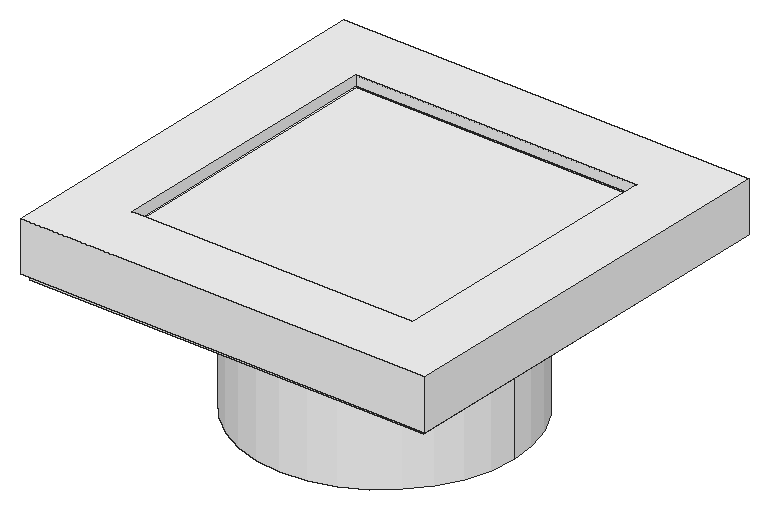
Revit family "Gira_012527", category Electrical Fixtures, host Face, Revit 2017
Family settings
  Host = Face
  Maintain Annotation Orientation = Yes
  Round Connector Dimension = Use Diameter
  Part Type = Normal
  Cut with Voids When Loaded = No
  Shared = No
  Room Calculation Point = No
Parameters (values of type "PB sw. series sw. System 55 p.white m")
  With mounting plate = "No"
  Wiring system = "Series switch"
  White [instance] = White
  Washing machine switch = "No"
  URL = "http://katalog.gira.de/en/datenblatt.html?artikelnr=012527"
  Type of fastening = "Mounting with claw and screw"
  Surface protection = "Other"
  Surface finishing = "Matt"
  Suitable for degree of protection (IP) = "IP20"
  Rated current = "10"
  RAL-number (akin) = "9010"
  Push button switch = "Yes"
  Number of rockers = "2"
  Number of modules (module system) = "1"
  Nominal voltage = "250"
  Name = "PB sw. series sw. System 55 p.white m"
  Mounting method = "Flush mounted (plaster)"
  Model = "Sys55_Komplettgerät_Schalten und Tasten"
  Method of operation = "Rocker/button"
  Material quality = "Thermoplastic"
  Material = "Plastic"
  Manufacturer URL = "https://www.gira.de/"
  Manufacturer = "Gira"
  Label space/information surface = "No"
  Illumination = "No"
  HeinzeBIM = "https://bimportal.heinze.de/bim/pb-sw-series-sw-system-55-p-white-m/bc40ca27278c625e5ef9f87467012343735672e1"
  Halogen free = "Yes"
  HAN = "012527"
  GTIN = "4010337125273"
  Feedback-signal contact = "No"
  Description = "PB sw.series Sys55 PWm,Pushbutton switch, 10 AX 250 V~ with rocker, 2-gang,Series switch,pure white matt,"
  Default Elevation = 1219.2 mm
  Data sheet (1) = "https://katalog.gira.de/en/download.html?artikelnr=012527"
  Connection type = "Plug clamp"
  Colour = "White"
  Category = "Switch"
  BIM (1) = "https://media.stage.bim.site/public/gira/36a6b08/Sys55_Komplettgerät_Schalten und Tasten.rfa?public/gira/36a6b08/Sys55_Komplettgerät_Schalten und Tasten.rfa"
  Available = "No"
  Assembly arrangement = "Basic element with central cover plate"
Reference planes
  plane 1 "Center (Front/Back)": y = 0
  plane 2: z = 0
  plane 3 "Center (Left/Right)": x = 0
Forms (mm)
  Extrusion 1, solid, material "White" <- "White", detail levels medium
    sketch origin (0, 0, 0) x (1, 0, 0) y (0, 1, 0)
      loop
        line (-40.4, 40.4) -> (-40.4, -40.4) -> (40.4, -40.4) -> (40.4, 40.4) -> (-40.4, 40.4)
      loop
        line (-28, 28) -> (-28, -28) -> (28, -28) -> (28, 28) -> (-28, 28)
    from 0 to 10
  Extrusion 2, solid, material "White" <- "White", detail levels fine
    sketch origin (0, 0, 0) x (1, 0, 0) y (0, 1, 0)
      loop
        line (-40.4, 40.4) -> (-40.4, -40.4) -> (40.4, -40.4) -> (40.4, 40.4) -> (-40.4, 40.4)
      loop
        line (-28, 28) -> (-28, -28) -> (28, -28) -> (28, 28) -> (-28, 28)
    from 0 to 10
  Extrusion 3, void
    sketch origin (0, 0, 0) x (1, 0, 0) y (0, 1, 0)
      loop
        line (-38.4, 38.4) -> (-38.4, -38.4) -> (38.4, -38.4) -> (38.4, 38.4) -> (-38.4, 38.4)
    from 0 to 8
  Extrusion 4, solid, material "White" <- "White", detail levels medium+fine
    sketch origin (0, 0, 0) x (1, 0, 0) y (0, 1, 0)
      loop
        line (-39.4, 39.4) -> (-39.4, -39.4) -> (39.4, -39.4) -> (39.4, 39.4) -> (-39.4, 39.4)
    from 0 to -1
  Extrusion 5, solid, material "White" <- "White", detail levels medium+fine
    sketch origin (0, 0, 0) x (1, 0, 0) y (0, 1, 0)
      loop
        line (-35.5, 35.5) -> (-35.5, -35.5) -> (35.5, -35.5) -> (35.5, 35.5) -> (-35.5, 35.5)
    from -2 to -3
  Extrusion 6, solid, material "White" <- "White", detail levels medium+fine
    sketch origin (0, 0, 0) x (1, 0, 0) y (0, 1, 0)
      loop
        circle (0, 0) r 26
    from 0 to -27.5
  Extrusion 7, solid, material "White" <- "White", detail levels coarse
    sketch origin (0, 0, 0) x (1, 0, 0) y (0, 1, 0)
      loop
        line (-40.4, 40.4) -> (-40.4, -40.4) -> (40.4, -40.4) -> (40.4, 40.4) -> (-40.4, 40.4)
    from -27.5 to 10
Cuts and joins
  Extrusion 3 cuts Extrusion 2
Dimensions and locks
  aligned and locked: plane 2 to host face
  aligned and locked: level to host face
  aligned and locked: plane 3 "Center (Left/Right)" to nested 2
  aligned and locked: plane 1 "Center (Front/Back)" to nested 2
Nested families
  nested 1: "Sys55_Abdeckung_Schalten und Tasten_floor_base" at (0, 0, 0), type "Sys55_Abdeckung_Schalten und Tasten_floor_base"
  nested 2: "Schalter" at (0, 0, 0), type "Schalter"
Connectors
  electrical at (0, 0, -27.5)
    settings: on Extrusion 6, index 1, voltage 220 V, apparent load 0 VA, apparent load phase1 0 VA, apparent load phase2 0 VA, apparent load phase3 0 VA, power factor 1, load classification "Other", number of poles 1, system type 30, power factor state 1, is connector primary yes, connector utility no, sub classification motor no, connector description ""
Definition of nested family "Sys55_Abdeckung_Schalten und Tasten_floor_base"
  Parameters
    Default Elevation = 1219.2 mm
    White [instance] = none
  Reference planes
    plane 1 "Center (Front/Back)": y = 0
    plane 2: z = 0
    plane 3 "Center (Left/Right)": x = 0
  Forms (mm)
    Extrusion 1, solid
      sketch origin (0, 0, 0) x (1, 0, 0) y (0, 1, 0)
        loop
          line (-1219.2, 1219.2) -> (-1219.2, -1219.2) -> (1219.2, -1219.2) -> (1219.2, 1219.2) -> (-1219.2, 1219.2)
      from 0 to -304.8
    Extrusion 2, solid, material <- "White", detail levels fine
      sketch origin (0, 0, 0) x (1, 0, 0) y (0, 1, 0)
        loop
          line (-27.5, 27.5) -> (-27.5, -27.5) -> (27.5, -27.5) -> (27.5, 27.5) -> (-27.5, 27.5)
      from 0 to 8
    Extrusion 3, void
      sketch origin (0, 0, 0) x (1, 0, 0) y (0, 1, 0)
        loop
          line (26, 26) -> (-26, 26) -> (-26, -26) -> (26, -26) -> (26, 26)
      from 0 to 6
    Extrusion 4, solid, material <- "White", detail levels medium
      sketch origin (0, 0, 0) x (1, 0, 0) y (0, 1, 0)
        loop
          line (-27.5, 27.5) -> (-27.5, -27.5) -> (27.5, -27.5) -> (27.5, 27.5) -> (-27.5, 27.5)
      from 0 to 8
    Extrusion 5, solid, material <- "White", detail levels medium
      sketch origin (0, 0, 0) x (1, 0, 0) y (0, 1, 0)
        loop
          line (11, -17.5) -> (11, 17.5) -> (-11, 17.5) -> (-11, -17.5) -> (11, -17.5)
      from -6 to 6
    Extrusion 6, solid, material <- "White", detail levels fine
      sketch origin (0, 0, 0) x (1, 0, 0) y (0, 1, 0)
        loop
          line (11, 17.5) -> (-11, 17.5) -> (-11, 16.5) -> (11, 16.5) -> (11, 17.5)
        loop
          line (-11, -16.5) -> (-11, -17.5) -> (11, -17.5) -> (11, -16.5) -> (-11, -16.5)
      from -4 to 6
    Extrusion 7, solid, material <- "White", detail levels fine
      sketch origin (0, 0, 0) x (1, 0, 0) y (0, 1, 0)
        loop
          arc (5, 9.347) -> (0, 10.6) -> (-5, 9.347) r 10.6
          line (-5, 9.347) -> (-5, -9.347)
          arc (-5, -9.347) -> (0, -10.6) -> (5, -9.347) r 10.6
          line (5, -9.347) -> (5, 9.347)
      from -6 to 6
    Extrusion 8, solid, material <- "White", detail levels coarse
      sketch origin (0, 0, 0) x (1, 0, 0) y (0, 1, 0)
        loop
          line (-27.5, 27.5) -> (-27.5, -27.5) -> (27.5, -27.5) -> (27.5, 27.5) -> (-27.5, 27.5)
      from -6 to 8
  Cuts and joins
    Extrusion 3 cuts Extrusion 2
  Dimensions and locks
    aligned and locked: plane 2 to Extrusion 1
    aligned and locked: level to Extrusion 1
Definition of nested family "Schalter"
  Reference planes
    plane 1: y = 0
    plane 2: x = 0
  Lines and regions (mm)
    detail lines
      curve 1: circle (1.375, 2.778, 0) r 0.8 normal (0, 0, 1)
      curve 2: line (1.021, 2.061, 0) -> (0, 0, 0)
      curve 3: line (0, 0, 0) -> (-0.538, 0.266, 0)
  Dimensions and locks
    curve 2 to curve 2 = 2.3 mm
    curve 3 to curve 2 = 0.6 mm
    radius of curve 1 = 0.8 mm
